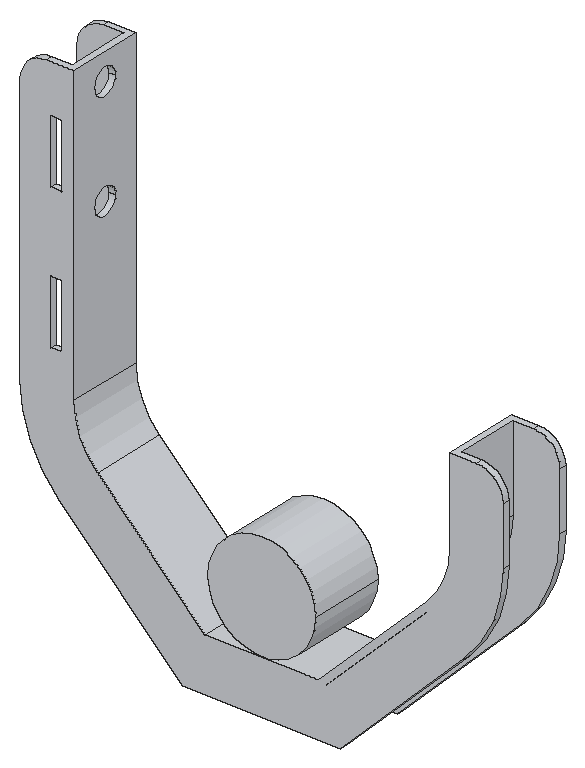
Revit family
Parameters
  URL = "www.siouxchief.com"
  Model = "521-723B"
  Manufacturer = "Sioux Chief Manufacturing"
  Keynote = "Commercial Chase Bracket"
  Description = "1\" Bracket"
Reference planes (in)
  plane 1 "Center (Front/Back)": y = 0
  plane 2: z = 0
  plane 3 "Center (Left/Right)": x = 0
Forms (in)
  Sweep 1, solid
    path origin (-1.74985, -0.00531, -17.375) x (0, 0, 1) y (-1, 0, 0)
      loop
        line (25.11806, 0) -> (22.36816, 0)
        arc (22.36816, 0) -> (22.08111, -0.0571) -> (21.83776, -0.2197) r 0.7501
        line (21.83776, -0.2197) -> (20.83796, -1.2195) -> (20.83796, -2.2802) -> (21.83776, -3.28)
        arc (21.83776, -3.28) -> (22.08111, -3.4426) -> (22.36816, -3.4997) r 0.7501
        line (22.36816, -3.4997) -> (23.15716, -3.4997)
    profile origin (-1.74985, -0.00531, 6.36811) x (0, -1, 0) y (1, 0, 0)
      loop
        line (-0.359, 0) -> (-0.359, -0.5) -> (-0.299, -0.5) -> (-0.299, -0.06) -> (0.299, -0.06) -> (0.299, -0.5) -> (0.359, -0.5) -> (0.359, 0) -> (-0.359, 0)
  Extrusion 2, void
    sketch origin (2.29588, -0.75, -1.9609) x (0, 0, 1) y (-1, 0, 0)
      loop
        line (7.74306, 0.04603) -> (7.74306, 0.29603)
        arc (7.74306, 0.29603) -> (7.66983, 0.11925) -> (7.49306, 0.04603) r 0.25
        line (7.49306, 0.04603) -> (7.74306, 0.04603)
    from -1.22856 to -0.23725
  Extrusion 3, void
    sketch origin (-2.29588, -0.75, 0) x (0, 0, 1) y (-1, 0, 0)
      loop
        line (7.74306, -0.04603) -> (7.49306, -0.04603)
        arc (7.49306, -0.04603) -> (7.66983, -0.11925) -> (7.74306, -0.29603) r 0.25
        line (7.74306, -0.29603) -> (7.74306, -0.04603)
    from -1.22856 to -0.23725
  Extrusion 4, void
    sketch origin (-2.34405, -0.75, 0.05) x (0, 0, 1) y (-1, 0, 0)
      loop
        line (7.24348, -0.47897) -> (7.24348, -0.37807) -> (6.64348, -0.37807) -> (6.64348, -0.47897) -> (7.24348, -0.47897)
    from -1.10369 to -0.38569
  Extrusion 5, void
    sketch origin (-2.34405, -0.75, -1.288) x (0, 0, 1) y (-1, 0, 0)
      loop
        line (7.24348, -0.47897) -> (7.24348, -0.37807) -> (6.64348, -0.37807) -> (6.64348, -0.47897) -> (7.24348, -0.47897)
    from -1.10369 to -0.38569
  Extrusion 6, void
    sketch origin (-2.29505, 0, 0) x (0, 1, 0) y (0, 0, 1)
      loop
        circle (-0.00531, 7.49306) r 0.125
    from 0.4852 to 0.5452
  Extrusion 7, void
    sketch origin (-2.29505, 0, -1) x (0, 1, 0) y (0, 0, 1)
      loop
        circle (-0.00531, 7.49306) r 0.125
    from 0.4852 to 0.5452
  Extrusion 8, solid
    sketch origin (0, -0.75, 0.11719) x (0, 0, 1) y (-1, 0, 0)
      loop
        circle (3.85184, 0) r 0.5
    from -1.10369 to -0.38569
Cuts and joins
  Extrusion 2, Extrusion 3, Extrusion 4, Extrusion 5, Extrusion 6, Extrusion 7 cuts Sweep 1
Dimensions and locks (in)
  aligned and locked: plane 2 to level
  aligned and locked: cut or joined group of Sweep 1, Extrusion 2, Extrusion 3, Extrusion 4, Extrusion 5, Extrusion 6, Extrusion 7 to Extrusion 8  (x2)
Connectors (in)
  piping at (0, 0.35369, 3.96902)
    settings: on Extrusion 8, index 1, connector radius 1/2", flow factor 0, pipe flow 0 GPM, pressure drop 0.00 psi, fitting loss kfactor 0, connector angle 0.00°, fixture units 0, flow configuration 0, flow direction 0, fitting loss method 0, system type 22, connector reference index -1, connector utility 0, adjustable connector no, is connector primary yes, fitting loss table "", connector description ""
  piping at (0, -0.36431, 3.96902)
    settings: on Extrusion 8, index 2, connector radius 1/2", flow factor 0, pipe flow 0 GPM, pressure drop 0.00 psi, fitting loss kfactor 0, connector angle 0.00°, fixture units 0, flow configuration 0, flow direction 0, fitting loss method 0, system type 22, connector reference index -1, connector utility 0, adjustable connector no, is connector primary no, fitting loss table "", connector description ""
